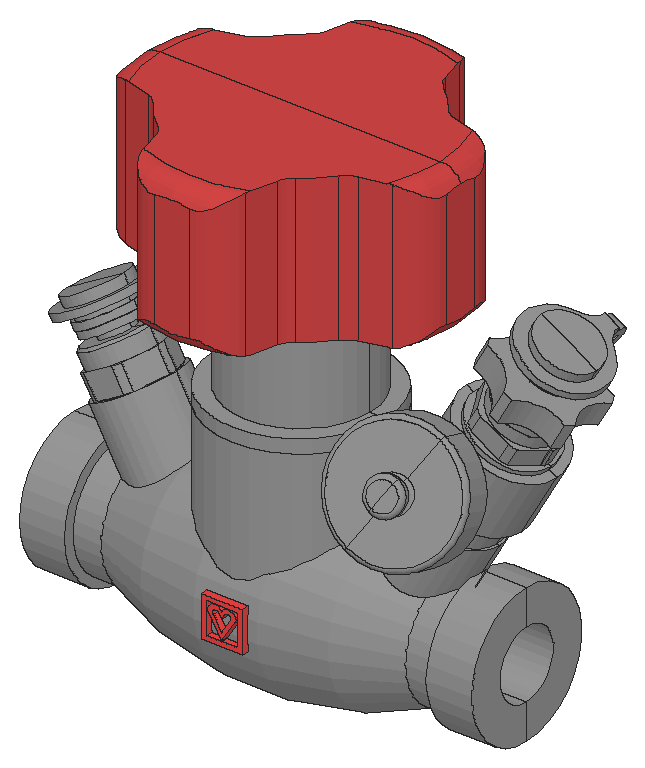
Revit family "Strangregulierventil für Differenzdruckmessung, Geradsitzform 4217 GML (LF-MF)", category Rohrzubehör, Revit 2018
Family settings
  Bemaßung runder Anschluss = Durchmesser verwenden
  Teiletyp = Unterbricht
  OmniClass-Nummer = 23.65.55.14
  OmniClass-Titel = Valves for Liquid Services
  Arbeitsebenenbasiert = Nein
  Immer vertikal = Ja
  Beim Laden mit Abzugskörper schneiden = Nein
  Gemeinsam genutzt = Nein
Parameters (values of type "LF")
  kvs-Wert [instance] = if(and(LF, Nennweite = 15.00 mm), 0.93, if(and(MF, Nennweite = 15.00 mm), 3.49, 0))  # 0.93
  W02 = 60.00°  # constant formula
  W01 = 30.00°  # constant formula
  URL = "www.herz-armaturen.at"
  SC_NennweiteBerechnet = 0
  SC_Dimension = ""
  SCRNSEQ = "ARM;ARM_TYP=\"STRV\";2"
  SCRNCODE = "05;07;02"  # constant formula
  S02 = 60.00 mm  # constant formula
  S01 [instance] = H00 + H01  # 68.20 mm
  R01 [instance] = 21.00 mm  # constant formula
  Nennweite [instance] = 15.00 mm
  Medium = "Heizwasserqualität entsprechend ÖNORM H 5195 bzw. VDI-Richtlinie 2035.\r\nDie Verwendung von Ethylen- und Propylenglykol ist im Mischungsverhältnis 25 - 50 Vol. % zulässig."
  Max. Betriebstemperatur (bis DN32) = 130 °C  # constant formula
  Max. Betriebstemperatur (ab DN40) = 110 °C  # constant formula
  Max. Betriebsdruck = 1600000.0 Pa  # constant formula
  ML02 [instance] = 30.20 mm  # constant formula
  ML01 [instance] = 20.67 mm  # constant formula
  MF [instance] = no
  MD01 = 9.50 mm  # constant formula
  LF [instance] = yes
  L02 [instance] = 10.00 mm  # constant formula
  L01 [instance] = 16.30 mm  # constant formula
  L00 [instance] = 100.00 mm  # constant formula
  IG [instance] = Nennweite / 2  # 7.50 mm
  Hersteller = "HERZ Armaturen Ges.m.b.H."  # constant formula
  H04 [instance] = 2.50 mm  # constant formula
  H03 = 10.00 mm  # constant formula
  H02 [instance] = 3.00 mm  # constant formula
  H01 [instance] = 33.30 mm  # constant formula
  H00 [instance] = 34.90 mm  # constant formula
  Gewicht [instance] = if(and(LF, Nennweite = 15.00 mm), "0.98 kg", if(and(MF, Nennweite = 15.00 mm), "0.97 kg", "0 kg"))  # "0.98 kg"
  Gehäuse = "DZR-Messing"  # constant formula
  GT [instance] = 15.00 mm  # constant formula
  Einbaulage = "Bedingt durch die senkrecht zur Ventilachse angeordnete, nichtsteigende Ventilspindel ist für jede Einbaulage optimale Zugängigkeit und Bedienbarkeit des Ventils gewährleistet."
  Differenzdruckmessung = "STRÖMAX-GML Strangregulierventil ist mit zwei Messventilen ausgestattet.\r\nBei Verwendung eines geeigneten Messgerätes kann der Differenzdruck gemessen und dadurch die jeweilige Durchflussmenge in Abhängigkeit der Einstellstufe ermittelt werden.\r\nAm HERZ-Messcomputer (1 8900 05) ist außerdem direkt die jeweilige Durchflussmenge ablesbar."
  DN50-DN80 [instance] = H00 + H01  # 68.20 mm
  DN15-DN40 [instance] = H00 + H01  # 68.20 mm
  DN15 [instance] = Nennweite = 15.00 mm  # yes
  D06 [instance] = 15.40 mm  # constant formula
  D05 [instance] = 13.15 mm  # constant formula
  D04 = 9.00 mm  # constant formula
  D03 [instance] = 19.00 mm  # constant formula
  D02 [instance] = 15.25 mm  # constant formula
  D01 [instance] = 13.20 mm  # constant formula
  Bestellnummer [instance] = if(and(LF, Nennweite = 15.00 mm), 1421710, if(and(MF, Nennweite = 15.00 mm), 1421719, 0))  # 1421710
  Ausführung = "STRÖMAX-GML Strangregulierventil mit Messventilen und Impulsleitungsanschluß 1/2″ – 3″\r\nGeradesitzform, gelbe Ausführung, Muffe x Muffe, nichtsteigende Spindel, Spindelabdichtung durch Doppel-O-Ring, Voreinstellung durch Hubbegrenzung mittels Innenspindel, digitale Anzeige der Voreinstellstufe im Handradfenster.\r\nEin Standardmeßventil und ein Messventil mit integriertem Impulsleitungsanschluß befinden sich neben dem Handrad."
  Anwendungen = "Zum hydraulischen Abgleich in Heiz- oder Kühlanlagen, Einregulieren von Verteilleitungen, Strängen, Wärmetauschern, Heiz- und Kühlregistern."
Types (3, lengths in mm): name | kvs-Wert | MF | LF | Gewicht | Bestellnummer
  (no name) | 0.93 | no | yes | "0.98 kg" | 1421710
  LF | 0.93 | no | yes | "0.98 kg" | 1421710
  MF | 3.49 | yes | no | "0.97 kg" | 1421719
Reference planes
  plane 1 "Mitte (Vorne/hinten)": y = 0
  plane 2: z = 0
  plane 3 "Mitte (Links/rechts)": x = 0
Forms (mm)
  Revolve 1, solid, material "Messing, weicher Gelbton, geschweißt", detail levels fine
    sketch origin (0, 0, 0) x (1, 0, 0) y (0, 0, 1)
      loop
        line (-50, 15.25) -> (-50, 7.5) -> (-35, 7.5) -> (-35, 0) -> (35, 0) -> (35, 7.5) -> (50, 7.5) -> (50, 15.25) -> (40, 15.25) -> (40, 13.2) -> (33.7, 13.2)
        arc (33.7, 13.2) -> (0, 21) -> (-33.7, 13.2) r 76.701
        line (-33.7, 13.2) -> (-40, 13.2) -> (-40, 15.25) -> (-50, 15.25)
      axis (-50, 0) -> (50, 0)
    angle from 0 to 360
  Revolve 2, solid, material "Messing, weicher Gelbton, geschweißt", detail levels fine
    sketch origin (0, 0, 0) x (1, 0, 0) y (0, 0, 1)
      loop
        line (20.67, 0) -> (35.77, 26.154) -> (27.543, 30.904) -> (12.443, 4.75) -> (20.67, 0)
      axis (20.67, 0) -> (35.77, 26.154)
    angle from 0 to 360
  Revolve 3, solid, material "Messing, weicher Gelbton, geschweißt", detail levels fine
    sketch origin (0, 0, 0) x (1, 0, 0) y (0, 0, 1)
      loop
        line (0, 0) -> (0, 34.9) -> (-19, 34.9) -> (-19, 0) -> (0, 0)
      axis (0, 34.9) -> (0, 0)
    angle from 0 to 360
  Revolve 4, solid, material "Messing, weicher Gelbton, geschweißt", detail levels fine
    sketch origin (0, 0, 0) x (-1, 0, 0) y (0, 0, 1)
      loop
        line (20.67, 0) -> (35.77, 26.154) -> (27.543, 30.904) -> (12.443, 4.75) -> (20.67, 0)
      axis (20.67, 0) -> (35.77, 26.154)
    angle from 0 to 360
  Revolve 5, solid, material "Messing, weicher Gelbton, geschweißt", detail levels fine
    sketch origin (0, 0, 0) x (1, 0, 0) y (0, 0, 1)
      loop
        line (0, 34.9) -> (0, 68.2) -> (-9, 68.2) -> (-9, 58.2) -> (-13.15, 58.2) -> (-13.15, 55.7) -> (-15.4, 55.7) -> (-15.4, 37.9) -> (-19, 37.9) -> (-19, 34.9) -> (0, 34.9)
      axis (0, 68.2) -> (0, 34.9)
    angle from 0 to 360
Lines and regions (mm)
  model lines, detail levels coarse+medium
    curve 1: line (-50, 0, 15.25) -> (-50, 0, -15.25)
    curve 2: line (-50, 0, -15.25) -> (50, 0, 15.25)
    curve 3: line (50, 0, 15.25) -> (50, 0, -15.25)
    curve 4: line (50, 0, -15.25) -> (-50, 0, 15.25)
    curve 5: line (0, 0, 0) -> (39.375, 0, 68.2)
    curve 6: line (13.395, 0, 83.2) -> (65.356, 0, 53.2)
    curve 7: line (-50, 15.25, 0) -> (-50, -15.25, 0)
    curve 8: line (-50, -15.25, 0) -> (50, 15.25, 0)
    curve 9: line (50, 15.25, 0) -> (50, -15.25, 0)
    curve 10: line (50, -15.25, 0) -> (-50, 15.25, 0)
    curve 11: line (0, 0, 0) -> (39.375, 68.2, 0)
    curve 12: line (13.395, 83.2, 0) -> (65.356, 53.2, 0)
Dimensions and locks
  "IG": Revolve 1 sketch curve to plane 2
  "GT": Revolve 1 sketch curve to Revolve 1 sketch curve  (x2)
  "IG": Revolve 1 sketch curve to Revolve 1 sketch curve
  "D01": Revolve 1 sketch curve to Revolve 1 sketch curve  (x2)
  "R01": Revolve 1 sketch curve to Revolve 1 sketch curve
  "L02": Revolve 1 sketch curve to Revolve 1 sketch curve  (x2)
  "L01": Revolve 1 sketch curve to Revolve 1 sketch curve  (x2)
  "D02": Revolve 1 sketch curve to plane 2  (x2)
  equal spacing: Revolve 1 sketch curve, plane 3 "Mitte (Links/rechts)", Revolve 1 sketch curve
  "L00": Revolve 1 sketch curve to Revolve 1 sketch curve
  "R01": nested 1 to plane 1 "Mitte (Vorne/hinten)"
  "ML01": Revolve 2 sketch curve to plane 3 "Mitte (Links/rechts)"
  "H00": Revolve 3 sketch curve to plane 2
  "D03": Revolve 3 sketch curve to Revolve 3 sketch curve
  "ML02": Revolve 2 sketch curve to Revolve 2 sketch curve
  "MD01": Revolve 2 sketch curve to Revolve 2 sketch curve  (x2)
  "ML02": Revolve 4 sketch curve to Revolve 4 sketch curve
  "MD01": Revolve 4 sketch curve to Revolve 4 sketch curve  (x2)
  "ML01": plane 3 "Mitte (Links/rechts)" to Revolve 4 sketch curve
  "H00": Revolve 5 sketch curve to plane 2
  "H01": Revolve 5 sketch curve to Revolve 5 sketch curve
  "D04": Revolve 5 sketch curve to Revolve 5 sketch curve
  "D03": Revolve 5 sketch curve to Revolve 5 sketch curve
  "D05": Revolve 5 sketch curve to Revolve 5 sketch curve
  "D06": Revolve 5 sketch curve to Revolve 5 sketch curve
  "H02": Revolve 5 sketch curve to Revolve 5 sketch curve
  "H03": Revolve 5 sketch curve to Revolve 5 sketch curve
  "H04": Revolve 5 sketch curve to Revolve 5 sketch curve
  "DN15-DN40": nested 2 to plane 2
  "D02": curve 4 to plane 2 to curve 2
  "D02": curve 3 to plane 2 to curve 4
  equal spacing: curve 1, plane 3 "Mitte (Links/rechts)", curve 3
  "L00": curve 1 to curve 3
  equal spacing: Revolve 1, curve 5, Revolve 1
  "S01": curve 5 to plane 2
  equal spacing: curve 6, curve 5, curve 6
  "S02": curve 6 to curve 6
  "D02": curve 8 to plane 1 "Mitte (Vorne/hinten)" to curve 10
  "D02": curve 10 to plane 1 "Mitte (Vorne/hinten)" to curve 9
  equal spacing: curve 7, plane 3 "Mitte (Links/rechts)", curve 9
  "L00": curve 7 to curve 9
  equal spacing: curve 7, curve 11, curve 9
  "S01": plane 1 "Mitte (Vorne/hinten)" to curve 11
  equal spacing: curve 12, curve 11, curve 12
  "S02": curve 12 to curve 12
  "W01": angle Revolve 2 sketch curve to plane 3 "Mitte (Links/rechts)"  (x2)
  "W01": angle plane 3 "Mitte (Links/rechts)" to Revolve 4 sketch curve  (x2)
  "W02": angle plane 2 to curve 5
  "W02": angle plane 1 "Mitte (Vorne/hinten)" to curve 11
  aligned and locked: level to plane 2
Automatic sketch dimensions
  Revolve 1 sketch curve to level = 0.00 mm  (x2)
  Revolve 1 sketch curve to Revolve 1 sketch curve = 1429.986 mm
  Revolve 1 sketch curve to Revolve 1 sketch curve = 1762.604 mm
  Revolve 2 sketch curve to level = 0.00 mm  (x2)
  Revolve 3 sketch curve to level = 0.00 mm
  Revolve 3 sketch curve to plane 3 "Mitte (Links/rechts)" = 0.00 mm  (x2)
  Revolve 3 sketch curve to Revolve 3 sketch curve = 366.045 mm
  Revolve 3 sketch curve to Revolve 3 sketch curve = 2179.415 mm
  Revolve 4 sketch curve to level = 0.00 mm  (x2)
  Revolve 5 sketch curve to plane 3 "Mitte (Links/rechts)" = 0.00 mm  (x2)
  Revolve 5 sketch curve to level = 366.045 mm
  Revolve 5 sketch curve to Revolve 5 sketch curve = 2146.115 mm
Nested families
  nested 1: "Herz-Logo-vorne" at (0, -21, 0) x (0, 1, 0) z (0, 0, 1), type "Herz-Logo-vorne", detail levels fine
  nested 2: "Strangregulierventil-Handrad-Gerade (Rot) DN15-DN40" at (0, 0, 68.2), visible <- "DN15", type "Strangregulierventil-Handrad-Gerade (Rot) DN15-DN40", detail levels fine
    with Nennweite 0.00 mm, Gewicht 0.00 kg, Bestellnummer 0
  nested 3: "Messstutzen_Band-KFE_Austritt_30Grad_(oben)" at (41.17, 0, 35.507), visible <- "DN15", type "Messstutzen_Band_Austritt_30Grad_(oben)", detail levels fine
    with Schutzkappe yes, Nennweite 0.00 mm, Gewicht 0.00 kg, Bestellnummer 0
  nested 4: "Messstutzen_Band_Eintritt_30Grad_(oben)" at (-27.02, 0, 10.999) x (-1, 0, 0) z (0, 0, 1), visible <- "DN15", type "Messstutzen_Band_Eintritt_30Grad_(oben)", detail levels fine
    with Schutzkappe yes, Nennweite 0.00 mm, Gewicht 0.00 kg, Bestellnummer 0
Connectors
  piping at (-35, 0, 0), diameter 15, driven by "Nennweite"
    settings: on Revolve 1, index 1, connector inside diameter 609.6 mm, connector length 0.00 mm, flow factor 0, pipe flow 0.0 L/s, pressure drop 0.0 Pa, fitting loss kfactor 0, connector angle 0.00°, fixture units 0, engagement length 0.00 mm, angle of deflection 0.00°, flow configuration 0, flow direction 1, fitting loss method 0, system type 29, joint type 0, gender type 0, connector reference index -1, connector utility 0, adjustable connector no, is connector primary yes, connector description ""
  piping at (35, 0, 0), diameter 15, driven by "Nennweite"
    settings: on Revolve 1, index 2, connector inside diameter 609.6 mm, connector length 0.00 mm, flow factor 0, pipe flow 0.0 L/s, pressure drop 0.0 Pa, fitting loss kfactor 0, connector angle 0.00°, fixture units 0, engagement length 0.00 mm, angle of deflection 0.00°, flow configuration 0, flow direction 2, fitting loss method 0, system type 29, joint type 0, gender type 0, connector reference index -1, connector utility 0, adjustable connector no, is connector primary no, connector description ""
Definition of nested family "Herz-Logo-vorne"
  Reference planes
    plane 1 "Mitte (Vorne/hinten)": y = 0
    plane 2: z = 0
    plane 3 "Mitte (Links/rechts)": x = 0
  Forms (mm)
    Extrusion 1, solid
      sketch origin (0.732, -0.018, 0.017) x (0, -1, 0) y (0, 0, 1)
        loop
          line (-0.018, -4.517) -> (4.482, -4.517) -> (4.482, 4.483) -> (-4.518, 4.483) -> (-4.518, -4.517) -> (-0.018, -4.517)
        loop
          line (-0.05, -3.48) -> (3.482, -3.48) -> (3.482, 3.483) -> (-3.518, 3.483) -> (-3.518, -3.48) -> (-0.05, -3.48)
        loop
          arc (-0.018, 2.383) -> (-1.543, 3.287) -> (-3.067, 2.383) r 1.738
          arc (-3.067, 2.383) -> (-3.191, 1.899) -> (-3.067, 1.415) r 1.009
          line (-3.067, 1.415) -> (-0.018, -3.281) -> (3.032, 1.415)
          arc (3.032, 1.415) -> (3.156, 1.899) -> (3.032, 2.383) r 1.009
          arc (3.032, 2.383) -> (1.507, 3.287) -> (-0.018, 2.383) r 1.738
        loop
          arc (1.885, 1.272) -> (2.005, 1.675) -> (1.885, 2.079) r 0.74
          arc (1.885, 2.079) -> (1.265, 2.416) -> (0.644, 2.079) r 0.74
          line (0.644, 2.079) -> (-0.018, 0.97) -> (-0.679, 2.079)
          arc (-0.679, 2.079) -> (-1.3, 2.416) -> (-1.921, 2.079) r 0.74
          arc (-1.921, 2.079) -> (-2.04, 1.675) -> (-1.921, 1.272) r 0.74
          line (-1.921, 1.272) -> (-0.018, -1.658) -> (1.885, 1.272)
      from 0 to 1.5
  Dimensions and locks
    aligned and locked: level to plane 2
Definition of nested family "Strangregulierventil-Handrad-Gerade (Rot) DN15-DN40"
  Parameters (values of type "Strangregulierventil-Handrad-Gerade (Rot) DN15-DN40")
    URL = "www.herz-armaturen.at"
    Nennweite [instance] = 0.00 mm
    Manufacturer = "Herz Armaturen GmbH"  # constant formula
    Gewicht [instance] = 0.00 kg
    Bestellnummer [instance] = 0
  Reference planes
    plane 1 "Mitte (Vorne/hinten)": y = 0
    plane 2: z = 0
    plane 3 "Mitte (Links/rechts)": x = 0
  Forms (mm)
    Revolve 1, solid, detail levels fine
      sketch origin (0, 0, 0) x (1, 0, 0) y (0, 0, 1)
        loop
          line (0, 0) -> (0, 24.95) -> (-30.992, 24.95)
          arc (-30.992, 24.95) -> (-34.37, 23.636) -> (-35.973, 20.386) r 5
          line (-35.973, 20.386) -> (-37, 8.65) -> (-35.986, -2.936)
          arc (-35.986, -2.936) -> (-34.383, -6.186) -> (-31.005, -7.5) r 5
          line (-31.005, -7.5) -> (-15, -7.5) -> (-15, 0) -> (0, 0)
        axis (0, 24.95) -> (0, -7.5)
      angle from 0 to 360
    Extrusion 2, void
      sketch origin (0, 0, 20.3) x (1, 0, 0) y (0, 1, 0)
        loop
          line (3.861, 35.5) -> (-3.861, 35.5)
          arc (-3.861, 35.5) -> (-8.731, 33.847) -> (-11.589, 29.571) r 8
          line (-11.589, 29.571) -> (-13.284, 23.245)
          arc (-13.284, 23.245) -> (-13.982, 21.722) -> (-15.144, 20.516) r 5
          arc (-15.144, 20.516) -> (-18.031, 18.031) -> (-20.516, 15.144) r 25.5
          arc (-20.516, 15.144) -> (-21.722, 13.982) -> (-23.245, 13.284) r 5
          line (-23.245, 13.284) -> (-29.571, 11.589)
          arc (-29.571, 11.589) -> (-33.847, 8.731) -> (-35.5, 3.861) r 8
          line (-35.5, 3.861) -> (-35.5, -3.861)
          arc (-35.5, -3.861) -> (-33.847, -8.731) -> (-29.571, -11.589) r 8
          line (-29.571, -11.589) -> (-23.245, -13.284)
          arc (-23.245, -13.284) -> (-21.722, -13.982) -> (-20.516, -15.144) r 5
          arc (-20.516, -15.144) -> (-18.031, -18.031) -> (-15.144, -20.516) r 25.5
          arc (-15.144, -20.516) -> (-13.982, -21.722) -> (-13.284, -23.245) r 5
          line (-13.284, -23.245) -> (-11.589, -29.571)
          arc (-11.589, -29.571) -> (-8.731, -33.847) -> (-3.861, -35.5) r 8
          line (-3.861, -35.5) -> (3.861, -35.5)
          arc (3.861, -35.5) -> (8.731, -33.847) -> (11.589, -29.571) r 8
          line (11.589, -29.571) -> (13.284, -23.245)
          arc (13.284, -23.245) -> (13.982, -21.722) -> (15.144, -20.516) r 5
          arc (15.144, -20.516) -> (18.031, -18.031) -> (20.516, -15.144) r 25.5
          arc (20.516, -15.144) -> (21.722, -13.982) -> (23.245, -13.284) r 5
          line (23.245, -13.284) -> (29.571, -11.589)
          arc (29.571, -11.589) -> (33.847, -8.731) -> (35.5, -3.861) r 8
          line (35.5, -3.861) -> (35.5, 3.861)
          arc (35.5, 3.861) -> (33.847, 8.731) -> (29.571, 11.589) r 8
          line (29.571, 11.589) -> (23.245, 13.284)
          arc (23.245, 13.284) -> (21.722, 13.982) -> (20.516, 15.144) r 5
          arc (20.516, 15.144) -> (18.031, 18.031) -> (15.144, 20.516) r 25.5
          arc (15.144, 20.516) -> (13.982, 21.722) -> (13.284, 23.245) r 5
          line (13.284, 23.245) -> (11.589, 29.571)
          arc (11.589, 29.571) -> (8.731, 33.847) -> (3.861, 35.5) r 8
        loop
          circle (0, 0) r 38
      from -31.266 to 7.923
  Cuts and joins
    Extrusion 2 cuts Revolve 1
  Dimensions and locks
    Revolve 1 sketch curve to Revolve 1 sketch curve = 15.00 mm
    Revolve 1 sketch curve to Revolve 1 sketch curve = 16.15 mm
    Revolve 1 sketch curve to Revolve 1 sketch curve = 16.30 mm
    angle Revolve 1 sketch curve to Revolve 1 sketch curve = 95.00°
    aligned and locked: level to plane 2
Definition of nested family "Messstutzen_Band-KFE_Austritt_30Grad_(oben)"
  Parameters (values of type "Messstutzen_Band-KFE_Austritt_30Grad_(oben)")
    URL = "www.herz-armaturen.at"
    Schutzkappe [instance] = yes
    Nennweite [instance] = 0.00 mm
    Manufacturer = "Herz Armaturen GmbH"  # constant formula
    Gewicht [instance] = 0.00 kg
    Bestellnummer [instance] = 0
  Reference planes
    plane 1 "Mitte (Vorne/hinten)": y = 0
    plane 2: z = 0
    plane 3 "Mitte (Links/rechts)": x = 0
  Forms (mm)
    Revolve 1, solid, detail levels fine
      sketch origin (0, 0, 0) x (0.866025, 0, -0.5) y (0.5, 0, 0.866025)
        loop
          line (-7.4, 9) -> (-5.55, 9) -> (-5.55, 6)
          arc (-5.55, 6) -> (-5.626, 5.617) -> (-5.843, 5.293) r 1
          line (-5.843, 5.293) -> (-6.455, 4.681) -> (-6.455, 0.9) -> (-5.555, 0) -> (-2, 0) -> (-2, 23) -> (-2, 35.8) -> (-3.805, 35.8) -> (-4.415, 35.19) -> (-4.415, 30.863) -> (-3.7, 30.45) -> (-3.7, 27) -> (-7.4, 27) -> (-7.4, 9)
        axis (0, 0) -> (0, 35.8)
      angle from 0 to 360
    Extrusion 2, solid, detail levels fine
      sketch origin (8.75, 0, 15.155) x (0, 1, 0) y (-0.866025, 0, 0.5)
        loop
          arc (-7.07, 5.156) -> (-7.578, 4.375) -> (-8, 3.544) r 8.75
          line (-8, 3.544) -> (-8, -3.544)
          arc (-8, -3.544) -> (-7.578, -4.375) -> (-7.07, -5.156) r 8.75
          line (-7.07, -5.156) -> (-0.93, -8.7)
          arc (-0.93, -8.7) -> (0, -8.75) -> (0.93, -8.7) r 8.75
          line (0.93, -8.7) -> (7.07, -5.156)
          arc (7.07, -5.156) -> (7.578, -4.375) -> (8, -3.544) r 8.75
          line (8, -3.544) -> (8, 3.544)
          arc (8, 3.544) -> (7.578, 4.375) -> (7.07, 5.156) r 8.75
          line (7.07, 5.156) -> (0.93, 8.7)
          arc (0.93, 8.7) -> (0, 8.75) -> (-0.93, 8.7) r 8.75
          line (-0.93, 8.7) -> (-7.07, 5.156)
      from -5.51 to -1.21
    Revolve 3, solid, visible <- "Schutzkappe", detail levels fine
      sketch origin (0, 0, 0) x (0.866025, 0, -0.5) y (0.5, 0, 0.866025)
        loop
          line (0, 35.878) -> (0, 36.678) -> (-7, 36.678) -> (-7, 33.378) -> (-6.1, 33.378) -> (-6.1, 31.678) -> (-6.9, 31.678) -> (-6.9, 30.178) -> (-4.415, 30.178) -> (-4.415, 35.268) -> (-3.805, 35.878) -> (0, 35.878)
        axis (0, 30.178) -> (0, 36.678)
      angle from 0 to 360
    Extrusion 4, solid, detail levels fine
      sketch origin (15, 0, 25.981) x (0, 1, 0) y (0.866025, 0, -0.5)
        loop
          circle (0, 0) r 3.7
        loop
          arc (5.505, -3.906) -> (7.288, -2.358) -> (9.582, -1.8) r 5
          line (9.582, -1.8) -> (9.582, 1.8)
          arc (9.582, 1.8) -> (7.288, 2.358) -> (5.505, 3.906) r 5
          arc (5.505, 3.906) -> (-6.75, 0) -> (5.505, -3.906) r 6.75
      from 0 to -1.5
    Extrusion 5, solid, detail levels fine
      sketch origin (16.589, 0, 28.733) x (0, 1, 0) y (0.866025, 0, -0.5)
        loop
          circle (0, 0) r 6.1
        loop
          arc (8.652, -4.495) -> (10.493, -2.527) -> (13.089, -1.8) r 5
          line (13.089, -1.8) -> (13.089, 1.8)
          arc (13.089, 1.8) -> (10.493, 2.527) -> (8.652, 4.495) r 5
          arc (8.652, 4.495) -> (-9.75, 0) -> (8.652, -4.495) r 9.75
      from 0 to -1.5
    Sweep 6, solid, detail levels fine
      path origin (0, 0, 0) x (-0.5, 0, -0.866025) y (0, 1, 0)
        loop
          line (-29.25, 9.582) -> (-29.25, 14.522)
          arc (-29.25, 14.522) -> (-30.839, 16.112) -> (-32.428, 14.522) r 1.589
          line (-32.428, 14.522) -> (-32.428, 13.089)
      profile origin (14.625, 12.052, 25.331) x (0.5, 0, 0.866025) y (0.866025, 0, -0.5)
        loop
          line (-0.75, -1.8) -> (0.75, -1.8) -> (0.75, 1.8) -> (-0.75, 1.8) -> (-0.75, -1.8)
    Extrusion 7, solid, detail levels fine
      sketch origin (-87.639, 0, 50.598) x (0.866025, 0, -0.5) y (0, 1, 0)
        loop
          arc (112.053, 5.113) -> (111.589, 6) -> (111.053, 6.845) r 12
          arc (111.053, 6.845) -> (105.696, 7.794) -> (102.196, 11.958) r 7.971
          arc (102.196, 11.958) -> (101.196, 12) -> (100.196, 11.958) r 12
          arc (100.196, 11.958) -> (96.696, 7.794) -> (91.34, 6.845) r 7.971
          arc (91.34, 6.845) -> (90.804, 6) -> (90.34, 5.113) r 12
          arc (90.34, 5.113) -> (92.196, 0) -> (90.34, -5.113) r 7.971
          arc (90.34, -5.113) -> (90.804, -6) -> (91.34, -6.845) r 12
          arc (91.34, -6.845) -> (96.696, -7.794) -> (100.196, -11.958) r 7.971
          arc (100.196, -11.958) -> (101.196, -12) -> (102.196, -11.958) r 12
          arc (102.196, -11.958) -> (105.696, -7.794) -> (111.053, -6.845) r 7.971
          arc (111.053, -6.845) -> (111.589, -6) -> (112.053, -5.113) r 12
          arc (112.053, -5.113) -> (110.196, 0) -> (112.053, 5.113) r 7.971
      from 22.3 to 28.5
    Revolve 8, solid, detail levels fine
      sketch origin (-47.563, 0, 4.367) x (-0.866025, 0, 0.5) y (0.5, 0, 0.866025)
        loop
          line (-43.374, 0) -> (-37.874, 0) -> (-36.774, 1.1) -> (-36.774, 4.9) -> (-37.874, 6) -> (-37.874, 8.4) -> (-36.424, 8.4) -> (-36.424, 9.2) -> (-34.424, 9.2) -> (-34.424, 15.59) -> (-31.874, 15.59) -> (-31.874, 30.99) -> (-33.874, 30.99) -> (-33.874, 31.99) -> (-43.374, 31.99) -> (-43.374, 0)
        loop
          line (-43.374, 39) -> (-43.374, 36.29) -> (-35.874, 36.29) -> (-35.874, 39) -> (-43.374, 39)
        axis (-43.374, 39) -> (-43.374, 0)
      angle from 0 to 360
    Revolve 9, solid, detail levels fine
      sketch origin (0, 0, 0) x (0, -1, 0) y (0.5, 0, 0.866025)
        loop
          line (0, -1.01) -> (32.627, 14.204) -> (27.556, 25.08) -> (25.934, 25.67) -> (21.602, 23.65) -> (14.873, 11.994) -> (-2.324, 3.975) -> (0, -1.01)
        axis (32.627, 14.204) -> (0, -1.01)
      angle from 0 to 360
    Revolve 10, solid, detail levels fine
      sketch origin (-19.899, -51.188, -34.465) x (-0.453154, -0.422618, -0.784886) y (0.211309, -0.906308, 0.365998)
        loop
          line (-56.786, 8) -> (-45.747, 8) -> (-45.747, 0) -> (-43.834, 0) -> (-42.786, 1.048) -> (-42.786, 8.048)
          arc (-42.786, 8.048) -> (-43.065, 8.721) -> (-43.738, 9) r 0.952
          line (-43.738, 9) -> (-52.974, 9)
          arc (-52.974, 9) -> (-53.548, 9.238) -> (-53.786, 9.812) r 0.812
          line (-53.786, 9.812) -> (-53.786, 12) -> (-52.786, 12) -> (-52.786, 13.03)
          arc (-52.786, 13.03) -> (-53.07, 13.716) -> (-53.756, 14) r 0.97
          line (-53.756, 14) -> (-56.786, 14) -> (-56.786, 8)
        axis (-56.786, 14) -> (-56.786, 0)
      angle from 0 to 360
  Dimensions and locks
    aligned and locked: level to plane 2
Definition of nested family "Messstutzen_Band_Eintritt_30Grad_(oben)"
  Parameters (values of type "Messstutzen_Band_Eintritt_30Grad_(oben)")
    URL = "www.herz-armaturen.at"
    Schutzkappe [instance] = yes
    Nennweite [instance] = 0.00 mm
    Manufacturer = "Herz Armaturen GmbH"  # constant formula
    Gewicht [instance] = 0.00 kg
    Bestellnummer [instance] = 0
  Reference planes
    plane 1 "Mitte (Vorne/hinten)": y = 0
    plane 2: z = 0
    plane 3 "Mitte (Links/rechts)": x = 0
  Forms (mm)
    Revolve 1, solid, detail levels fine
      sketch origin (0, 0, 0) x (0.866025, 0, -0.5) y (0.5, 0, 0.866025)
        loop
          line (-7.4, 9) -> (-5.55, 9) -> (-5.55, 6)
          arc (-5.55, 6) -> (-5.626, 5.617) -> (-5.843, 5.293) r 1
          line (-5.843, 5.293) -> (-6.455, 4.681) -> (-6.455, 0.9) -> (-5.555, 0) -> (-2, 0) -> (-2, 17.5) -> (-8.4, 17.5)
          arc (-8.4, 17.5) -> (-7.693, 17.207) -> (-7.4, 16.5) r 1
          line (-7.4, 16.5) -> (-7.4, 9)
        loop
          line (-3.7, 27) -> (-7.3, 27) -> (-7.9, 26.4) -> (-7.9, 23) -> (-2, 23) -> (-2, 35.8) -> (-3.805, 35.8) -> (-4.415, 35.19) -> (-4.415, 30.863) -> (-3.7, 30.45) -> (-3.7, 27)
        axis (0, 0) -> (0, 35.8)
      angle from 0 to 360
    Extrusion 2, solid, detail levels fine
      sketch origin (8.75, 0, 15.155) x (0, 1, 0) y (-0.866025, 0, 0.5)
        loop
          arc (-7.07, 5.156) -> (-7.578, 4.375) -> (-8, 3.544) r 8.75
          line (-8, 3.544) -> (-8, -3.544)
          arc (-8, -3.544) -> (-7.578, -4.375) -> (-7.07, -5.156) r 8.75
          line (-7.07, -5.156) -> (-0.93, -8.7)
          arc (-0.93, -8.7) -> (0, -8.75) -> (0.93, -8.7) r 8.75
          line (0.93, -8.7) -> (7.07, -5.156)
          arc (7.07, -5.156) -> (7.578, -4.375) -> (8, -3.544) r 8.75
          line (8, -3.544) -> (8, 3.544)
          arc (8, 3.544) -> (7.578, 4.375) -> (7.07, 5.156) r 8.75
          line (7.07, 5.156) -> (0.93, 8.7)
          arc (0.93, 8.7) -> (0, 8.75) -> (-0.93, 8.7) r 8.75
          line (-0.93, 8.7) -> (-7.07, 5.156)
      from 0 to 5.5
    Revolve 3, solid, visible <- "Schutzkappe", detail levels fine
      sketch origin (0, 0, 0) x (0.866025, 0, -0.5) y (0.5, 0, 0.866025)
        loop
          line (0, 35.878) -> (0, 36.678) -> (-7, 36.678) -> (-7, 33.378) -> (-6.1, 33.378) -> (-6.1, 31.678) -> (-6.9, 31.678) -> (-6.9, 30.178) -> (-4.415, 30.178) -> (-4.415, 35.268) -> (-3.805, 35.878) -> (0, 35.878)
        axis (0, 30.178) -> (0, 36.678)
      angle from 0 to 360
    Extrusion 4, solid, detail levels fine
      sketch origin (14.25, 0, 24.682) x (0, 1, 0) y (0.866025, 0, -0.5)
        loop
          circle (0, 0) r 3.7
        loop
          arc (5.505, -3.906) -> (7.288, -2.358) -> (9.582, -1.8) r 5
          line (9.582, -1.8) -> (9.582, 1.8)
          arc (9.582, 1.8) -> (7.288, 2.358) -> (5.505, 3.906) r 5
          arc (5.505, 3.906) -> (-6.75, 0) -> (5.505, -3.906) r 6.75
      from 0 to -1.5
    Extrusion 5, solid, detail levels fine
      sketch origin (16.589, 0, 28.733) x (0, 1, 0) y (0.866025, 0, -0.5)
        loop
          circle (0, 0) r 6.1
        loop
          arc (8.652, -4.495) -> (10.493, -2.527) -> (13.089, -1.8) r 5
          line (13.089, -1.8) -> (13.089, 1.8)
          arc (13.089, 1.8) -> (10.493, 2.527) -> (8.652, 4.495) r 5
          arc (8.652, 4.495) -> (-9.75, 0) -> (8.652, -4.495) r 9.75
      from 0 to -1.5
    Sweep 6, solid, detail levels fine
      path origin (0.933, -0.183, 1.116) x (-0.5, 0, -0.866025) y (0, 1, 0)
        loop
          line (-27.75, 9.582) -> (-27.75, 14.522)
          arc (-27.75, 14.522) -> (-30.089, 16.862) -> (-32.428, 14.522) r 2.339
          line (-32.428, 14.522) -> (-32.428, 13.089)
      profile origin (14.808, 11.869, 25.148) x (0.5, 0, 0.866025) y (0.866025, 0, -0.5)
        loop
          line (-0.75, -1.8) -> (0.75, -1.8) -> (0.75, 1.8) -> (-0.75, 1.8) -> (-0.75, -1.8)
  Dimensions and locks
    aligned and locked: level to plane 2
